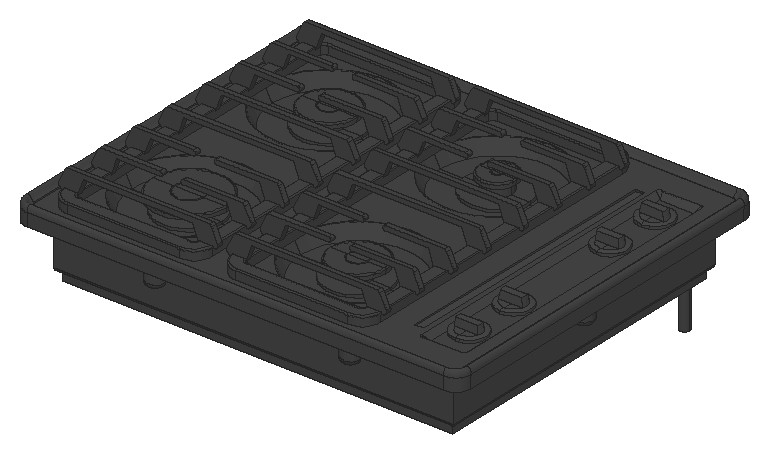
Revit family "QF_Summit_TTL033S_Cooktop", category Specialty Equipment, Revit 2020 (continued)
Automatic sketch dimensions
  curve 75 to curve 119 = 0"  (x2)
  curve 75 to curve 120 = 0"  (x2)
  curve 75 to curve 121 = 0"  (x2)
  curve 75 to curve 122 = 0"  (x2)
  curve 75 to curve 123 = 0"  (x2)
  curve 75 to curve 124 = 0"  (x2)
  curve 75 to curve 125 = 0"  (x2)
  curve 75 to curve 126 = 0"  (x2)
  curve 75 to curve 127 = 0"  (x2)
  curve 75 to curve 128 = 0"  (x2)
  curve 75 to curve 129 = 0"  (x2)
  curve 75 to curve 130 = 0"  (x2)
  curve 75 to curve 131 = 0"  (x2)
  curve 75 to curve 132 = 0"  (x2)
  curve 75 to curve 133 = 0"  (x2)
  curve 75 to curve 134 = 0"  (x2)
  curve 76 to curve 91 = 0"  (x2)
  curve 76 to curve 92 = 0"  (x2)
  curve 76 to curve 93 = 0"  (x2)
  curve 76 to curve 94 = 0"  (x2)
  curve 76 to curve 117 = 0"  (x2)
  curve 76 to curve 118 = 0"  (x2)
  curve 76 to curve 119 = 0"  (x2)
  curve 76 to curve 120 = 0"  (x2)
  curve 76 to curve 121 = 0"  (x2)
  curve 76 to curve 122 = 0"  (x2)
  curve 76 to curve 123 = 0"  (x2)
  curve 76 to curve 124 = 0"  (x2)
  curve 76 to curve 125 = 0"  (x2)
  curve 76 to curve 126 = 0"  (x2)
  curve 76 to curve 127 = 0"  (x2)
  curve 76 to curve 128 = 0"  (x2)
  curve 76 to curve 129 = 0"  (x2)
  curve 76 to curve 130 = 0"  (x2)
  curve 76 to curve 131 = 0"  (x2)
  curve 76 to curve 132 = 0"  (x2)
  curve 76 to curve 133 = 0"  (x2)
  curve 76 to curve 134 = 0"  (x2)
  curve 77 to curve 78 = 0"  (x2)
  curve 77 to curve 79 = 0"  (x2)
  curve 77 to curve 80 = 0"  (x2)
  curve 77 to curve 81 = 0"  (x2)
  curve 77 to curve 82 = 0"  (x2)
  curve 77 to curve 95 = 0"  (x2)
  curve 77 to curve 96 = 0"  (x2)
  curve 77 to curve 97 = 0"  (x2)
  curve 77 to curve 98 = 0"  (x2)
  curve 77 to curve 114 = 0"  (x2)
  curve 77 to curve 115 = 0"  (x2)
  curve 77 to curve 116 = 0"  (x2)
  curve 77 to curve 135 = 0"  (x2)
  curve 77 to curve 136 = 0"  (x2)
  curve 77 to curve 137 = 0"  (x2)
  curve 77 to curve 138 = 0"  (x2)
  curve 77 to curve 139 = 0"  (x2)
  curve 77 to curve 140 = 0"  (x2)
  curve 77 to curve 141 = 0"  (x2)
  curve 77 to curve 142 = 0"  (x2)
  curve 77 to curve 143 = 0"  (x2)
  curve 78 to curve 79 = 0"  (x2)
  curve 78 to curve 80 = 0"  (x2)
  curve 78 to curve 81 = 0"  (x2)
  curve 78 to curve 82 = 0"  (x2)
  curve 78 to curve 95 = 0"  (x2)
  curve 78 to curve 96 = 0"  (x2)
  curve 78 to curve 97 = 0"  (x2)
  curve 78 to curve 98 = 0"  (x2)
  curve 78 to curve 114 = 0"  (x2)
  curve 78 to curve 115 = 0"  (x2)
  curve 78 to curve 116 = 0"  (x2)
  curve 78 to curve 135 = 0"  (x2)
  curve 78 to curve 136 = 0"  (x2)
  curve 78 to curve 137 = 0"  (x2)
  curve 78 to curve 138 = 0"  (x2)
  curve 78 to curve 139 = 0"  (x2)
  curve 78 to curve 140 = 0"  (x2)
  curve 78 to curve 141 = 0"  (x2)
  curve 78 to curve 142 = 0"  (x2)
  curve 78 to curve 143 = 0"  (x2)
  curve 79 to curve 80 = 0"  (x2)
  curve 79 to curve 81 = 0"  (x2)
  curve 79 to curve 82 = 0"  (x2)
  curve 79 to curve 95 = 0"  (x2)
  curve 79 to curve 96 = 0"  (x2)
  curve 79 to curve 97 = 0"  (x2)
  curve 79 to curve 98 = 0"  (x2)
  curve 79 to curve 114 = 0"  (x2)
  curve 79 to curve 115 = 0"  (x2)
  curve 79 to curve 116 = 0"  (x2)
  curve 79 to curve 135 = 0"  (x2)
  curve 79 to curve 136 = 0"  (x2)
  curve 79 to curve 137 = 0"  (x2)
  curve 79 to curve 138 = 0"  (x2)
  curve 79 to curve 139 = 0"  (x2)
  curve 79 to curve 140 = 0"  (x2)
  curve 79 to curve 141 = 0"  (x2)
  curve 79 to curve 142 = 0"  (x2)
  curve 79 to curve 143 = 0"  (x2)
  curve 80 to curve 81 = 0"  (x2)
  curve 80 to curve 82 = 0"  (x2)
  curve 80 to curve 95 = 0"  (x2)
  curve 80 to curve 96 = 0"  (x2)
  curve 80 to curve 97 = 0"  (x2)
  curve 80 to curve 98 = 0"  (x2)
  curve 80 to curve 114 = 0"  (x2)
  curve 80 to curve 115 = 0"  (x2)
  curve 80 to curve 116 = 0"  (x2)
  curve 80 to curve 135 = 0"  (x2)
  curve 80 to curve 136 = 0"  (x2)
  curve 80 to curve 137 = 0"  (x2)
  curve 80 to curve 138 = 0"  (x2)
  curve 80 to curve 139 = 0"  (x2)
  curve 80 to curve 140 = 0"  (x2)
  curve 80 to curve 141 = 0"  (x2)
  curve 80 to curve 142 = 0"  (x2)
  curve 80 to curve 143 = 0"  (x2)
  curve 81 to curve 82 = 0"  (x2)
  curve 81 to curve 95 = 0"  (x2)
  curve 81 to curve 96 = 0"  (x2)
  curve 81 to curve 97 = 0"  (x2)
  curve 81 to curve 98 = 0"  (x2)
  curve 81 to curve 114 = 0"  (x2)
  curve 81 to curve 115 = 0"  (x2)
  curve 81 to curve 116 = 0"  (x2)
  curve 81 to curve 135 = 0"  (x2)
  curve 81 to curve 136 = 0"  (x2)
  curve 81 to curve 137 = 0"  (x2)
  curve 81 to curve 138 = 0"  (x2)
  curve 81 to curve 139 = 0"  (x2)
  curve 81 to curve 140 = 0"  (x2)
  curve 81 to curve 141 = 0"  (x2)
  curve 81 to curve 142 = 0"  (x2)
  curve 81 to curve 143 = 0"  (x2)
  curve 82 to curve 95 = 0"  (x2)
  curve 82 to curve 96 = 0"  (x2)
  curve 82 to curve 97 = 0"  (x2)
  curve 82 to curve 98 = 0"  (x2)
  curve 82 to curve 114 = 0"  (x2)
  curve 82 to curve 115 = 0"  (x2)
  curve 82 to curve 116 = 0"  (x2)
  curve 82 to curve 135 = 0"  (x2)
  curve 82 to curve 136 = 0"  (x2)
  curve 82 to curve 137 = 0"  (x2)
  curve 82 to curve 138 = 0"  (x2)
  curve 82 to curve 139 = 0"  (x2)
  curve 82 to curve 140 = 0"  (x2)
  curve 82 to curve 141 = 0"  (x2)
  curve 82 to curve 142 = 0"  (x2)
  curve 82 to curve 143 = 0"  (x2)
  curve 83 to curve 84 = 0"  (x2)
  curve 83 to curve 85 = 0"  (x2)
  curve 83 to curve 86 = 0"  (x2)
  curve 83 to curve 102 = 0"  (x2)
  curve 83 to curve 103 = 0"  (x2)
  curve 83 to curve 104 = 0"  (x2)
  curve 83 to curve 105 = 0"  (x2)
  curve 83 to curve 106 = 0"  (x2)
  curve 83 to curve 107 = 0"  (x2)
  curve 83 to curve 108 = 0"  (x2)
  curve 83 to curve 109 = 0"  (x2)
  curve 83 to curve 152 = 0"  (x2)
  curve 83 to curve 153 = 0"  (x2)
  curve 83 to curve 154 = 0"  (x2)
  curve 83 to curve 155 = 0"  (x2)
  curve 83 to curve 156 = 0"  (x2)
  curve 83 to curve 157 = 0"  (x2)
  curve 83 to curve 158 = 0"  (x2)
  curve 83 to curve 159 = 0"  (x2)
  curve 84 to curve 85 = 0"  (x2)
  curve 84 to curve 86 = 0"  (x2)
  curve 84 to curve 102 = 0"  (x2)
  curve 84 to curve 103 = 0"  (x2)
  curve 84 to curve 104 = 0"  (x2)
  curve 84 to curve 105 = 0"  (x2)
  curve 84 to curve 106 = 0"  (x2)
  curve 84 to curve 107 = 0"  (x2)
  curve 84 to curve 108 = 0"  (x2)
  curve 84 to curve 109 = 0"  (x2)
  curve 84 to curve 152 = 0"  (x2)
  curve 84 to curve 153 = 0"  (x2)
  curve 84 to curve 154 = 0"  (x2)
  curve 84 to curve 155 = 0"  (x2)
  curve 84 to curve 156 = 0"  (x2)
  curve 84 to curve 157 = 0"  (x2)
  curve 84 to curve 158 = 0"  (x2)
  curve 84 to curve 159 = 0"  (x2)
  curve 85 to curve 86 = 0"  (x2)
  curve 85 to curve 102 = 0"  (x2)
  curve 85 to curve 103 = 0"  (x2)
  curve 85 to curve 104 = 0"  (x2)
  curve 85 to curve 105 = 0"  (x2)
  curve 85 to curve 106 = 0"  (x2)
  curve 85 to curve 107 = 0"  (x2)
  curve 85 to curve 108 = 0"  (x2)
  curve 85 to curve 109 = 0"  (x2)
  curve 85 to curve 152 = 0"  (x2)
  curve 85 to curve 153 = 0"  (x2)
  curve 85 to curve 154 = 0"  (x2)
  curve 85 to curve 155 = 0"  (x2)
  curve 85 to curve 156 = 0"  (x2)
  curve 85 to curve 157 = 0"  (x2)
  curve 85 to curve 158 = 0"  (x2)
  curve 85 to curve 159 = 0"  (x2)
  curve 86 to curve 102 = 0"  (x2)
  curve 86 to curve 103 = 0"  (x2)
  curve 86 to curve 104 = 0"  (x2)
  curve 86 to curve 105 = 0"  (x2)
  curve 86 to curve 106 = 0"  (x2)
  curve 86 to curve 107 = 0"  (x2)
  curve 86 to curve 108 = 0"  (x2)
  curve 86 to curve 109 = 0"  (x2)
  curve 86 to curve 152 = 0"  (x2)
  curve 86 to curve 153 = 0"  (x2)
  curve 86 to curve 154 = 0"  (x2)
  curve 86 to curve 155 = 0"  (x2)
  curve 86 to curve 156 = 0"  (x2)
  curve 86 to curve 157 = 0"  (x2)
  curve 86 to curve 158 = 0"  (x2)
  curve 86 to curve 159 = 0"  (x2)
  curve 87 to curve 88 = 0"  (x2)
  curve 87 to curve 89 = 0"  (x2)
  curve 87 to curve 90 = 0"  (x2)
  curve 87 to curve 99 = 0"  (x2)
  curve 87 to curve 100 = 0"  (x2)
  curve 87 to curve 101 = 0"  (x2)
  curve 87 to curve 110 = 0"  (x2)
  curve 87 to curve 111 = 0"  (x2)
  curve 87 to curve 112 = 0"  (x2)
  curve 87 to curve 113 = 0"  (x2)
  curve 87 to curve 144 = 0"  (x2)
  curve 87 to curve 145 = 0"  (x2)
  curve 87 to curve 146 = 0"  (x2)
  curve 87 to curve 147 = 0"  (x2)
  curve 87 to curve 148 = 0"  (x2)
  curve 87 to curve 149 = 0"  (x2)
  curve 87 to curve 150 = 0"  (x2)
  curve 87 to curve 151 = 0"  (x2)
  curve 87 to curve 160 = 0"  (x2)
  curve 87 to curve 161 = 0"  (x2)
  curve 87 to curve 162 = 0"  (x2)
  curve 87 to curve 163 = 0"  (x2)
  curve 87 to curve 164 = 0"  (x2)
  curve 87 to curve 165 = 0"  (x2)
  curve 88 to curve 89 = 0"  (x2)
  curve 88 to curve 90 = 0"  (x2)
  curve 88 to curve 99 = 0"  (x2)
  curve 88 to curve 100 = 0"  (x2)
  curve 88 to curve 101 = 0"  (x2)
  curve 88 to curve 110 = 0"  (x2)
  curve 88 to curve 111 = 0"  (x2)
  curve 88 to curve 112 = 0"  (x2)
  curve 88 to curve 113 = 0"  (x2)
  curve 88 to curve 144 = 0"  (x2)
  curve 88 to curve 145 = 0"  (x2)
  curve 88 to curve 146 = 0"  (x2)
  curve 88 to curve 147 = 0"  (x2)
  curve 88 to curve 148 = 0"  (x2)
  curve 88 to curve 149 = 0"  (x2)
  curve 88 to curve 150 = 0"  (x2)
  curve 88 to curve 151 = 0"  (x2)
  curve 88 to curve 160 = 0"  (x2)
  curve 88 to curve 161 = 0"  (x2)
  curve 88 to curve 162 = 0"  (x2)
  curve 88 to curve 163 = 0"  (x2)
  curve 88 to curve 164 = 0"  (x2)
  curve 88 to curve 165 = 0"  (x2)
  curve 89 to curve 90 = 0"  (x2)
  curve 89 to curve 99 = 0"  (x2)
  curve 89 to curve 100 = 0"  (x2)
  curve 89 to curve 101 = 0"  (x2)
  curve 89 to curve 110 = 0"  (x2)
  curve 89 to curve 111 = 0"  (x2)
  curve 89 to curve 112 = 0"  (x2)
  curve 89 to curve 113 = 0"  (x2)
  curve 89 to curve 144 = 0"  (x2)
  curve 89 to curve 145 = 0"  (x2)
  curve 89 to curve 146 = 0"  (x2)
  curve 89 to curve 147 = 0"  (x2)
  curve 89 to curve 148 = 0"  (x2)
  curve 89 to curve 149 = 0"  (x2)
  curve 89 to curve 150 = 0"  (x2)
  curve 89 to curve 151 = 0"  (x2)
  curve 89 to curve 160 = 0"  (x2)
  curve 89 to curve 161 = 0"  (x2)
  curve 89 to curve 162 = 0"  (x2)
  curve 89 to curve 163 = 0"  (x2)
  curve 89 to curve 164 = 0"  (x2)
  curve 89 to curve 165 = 0"  (x2)
  curve 90 to curve 99 = 0"  (x2)
  curve 90 to curve 100 = 0"  (x2)
  curve 90 to curve 101 = 0"  (x2)
  curve 90 to curve 110 = 0"  (x2)
  curve 90 to curve 111 = 0"  (x2)
  curve 90 to curve 112 = 0"  (x2)
  curve 90 to curve 113 = 0"  (x2)
  curve 90 to curve 144 = 0"  (x2)
  curve 90 to curve 145 = 0"  (x2)
  curve 90 to curve 146 = 0"  (x2)
  curve 90 to curve 147 = 0"  (x2)
  curve 90 to curve 148 = 0"  (x2)
  curve 90 to curve 149 = 0"  (x2)
  curve 90 to curve 150 = 0"  (x2)
  curve 90 to curve 151 = 0"  (x2)
  curve 90 to curve 160 = 0"  (x2)
  curve 90 to curve 161 = 0"  (x2)
  curve 90 to curve 162 = 0"  (x2)
  curve 90 to curve 163 = 0"  (x2)
  curve 90 to curve 164 = 0"  (x2)
  curve 90 to curve 165 = 0"  (x2)
  curve 91 to curve 92 = 0"  (x2)
  curve 91 to curve 93 = 0"  (x2)
  curve 91 to curve 94 = 0"  (x2)
  curve 91 to curve 117 = 0"  (x2)
  curve 91 to curve 118 = 0"  (x2)
  curve 91 to curve 119 = 0"  (x2)
  curve 91 to curve 120 = 0"  (x2)
  curve 91 to curve 121 = 0"  (x2)
  curve 91 to curve 122 = 0"  (x2)
  curve 91 to curve 123 = 0"  (x2)
  curve 91 to curve 124 = 0"  (x2)
  curve 91 to curve 125 = 0"  (x2)
  curve 91 to curve 126 = 0"  (x2)
  curve 91 to curve 127 = 0"  (x2)
  curve 91 to curve 128 = 0"  (x2)
  curve 91 to curve 129 = 0"  (x2)
  curve 91 to curve 130 = 0"  (x2)
  curve 91 to curve 131 = 0"  (x2)
  curve 91 to curve 132 = 0"  (x2)
  curve 91 to curve 133 = 0"  (x2)
  curve 91 to curve 134 = 0"  (x2)
  curve 92 to curve 93 = 0"  (x2)
  curve 92 to curve 94 = 0"  (x2)
  curve 92 to curve 117 = 0"  (x2)
  curve 92 to curve 118 = 0"  (x2)
  curve 92 to curve 119 = 0"  (x2)
  curve 92 to curve 120 = 0"  (x2)
  curve 92 to curve 121 = 0"  (x2)
  curve 92 to curve 122 = 0"  (x2)
  curve 92 to curve 123 = 0"  (x2)
  curve 92 to curve 124 = 0"  (x2)
  curve 92 to curve 125 = 0"  (x2)
  curve 92 to curve 126 = 0"  (x2)
  curve 92 to curve 127 = 0"  (x2)
  curve 92 to curve 128 = 0"  (x2)
  curve 92 to curve 129 = 0"  (x2)
  curve 92 to curve 130 = 0"  (x2)
  curve 92 to curve 131 = 0"  (x2)
  curve 92 to curve 132 = 0"  (x2)
  curve 92 to curve 133 = 0"  (x2)
  curve 92 to curve 134 = 0"  (x2)
  curve 93 to curve 94 = 0"  (x2)
  curve 93 to curve 117 = 0"  (x2)
  curve 93 to curve 118 = 0"  (x2)
  curve 93 to curve 119 = 0"  (x2)
  curve 93 to curve 120 = 0"  (x2)
  curve 93 to curve 121 = 0"  (x2)
  curve 93 to curve 122 = 0"  (x2)
  curve 93 to curve 123 = 0"  (x2)
  curve 93 to curve 124 = 0"  (x2)
  curve 93 to curve 125 = 0"  (x2)
  curve 93 to curve 126 = 0"  (x2)
  curve 93 to curve 127 = 0"  (x2)
  curve 93 to curve 128 = 0"  (x2)
  curve 93 to curve 129 = 0"  (x2)
  curve 93 to curve 130 = 0"  (x2)
  curve 93 to curve 131 = 0"  (x2)
  curve 93 to curve 132 = 0"  (x2)
  curve 93 to curve 133 = 0"  (x2)
  curve 93 to curve 134 = 0"  (x2)
  curve 94 to curve 117 = 0"  (x2)
  curve 94 to curve 118 = 0"  (x2)
  curve 94 to curve 119 = 0"  (x2)
  curve 94 to curve 120 = 0"  (x2)
  curve 94 to curve 121 = 0"  (x2)
  curve 94 to curve 122 = 0"  (x2)
  curve 94 to curve 123 = 0"  (x2)
  curve 94 to curve 124 = 0"  (x2)
  curve 94 to curve 125 = 0"  (x2)
  curve 94 to curve 126 = 0"  (x2)
  curve 94 to curve 127 = 0"  (x2)
  curve 94 to curve 128 = 0"  (x2)
  curve 94 to curve 129 = 0"  (x2)
  curve 94 to curve 130 = 0"  (x2)
  curve 94 to curve 131 = 0"  (x2)
  curve 94 to curve 132 = 0"  (x2)
  curve 94 to curve 133 = 0"  (x2)
  curve 94 to curve 134 = 0"  (x2)
  curve 95 to curve 96 = 0"  (x2)
  curve 95 to curve 97 = 0"  (x2)
  curve 95 to curve 98 = 0"  (x2)
  curve 95 to curve 114 = 0"  (x2)
  curve 95 to curve 115 = 0"  (x2)
  curve 95 to curve 116 = 0"  (x2)
  curve 95 to curve 135 = 0"  (x2)
  curve 95 to curve 136 = 0"  (x2)
  curve 95 to curve 137 = 0"  (x2)
  curve 95 to curve 138 = 0"  (x2)
  curve 95 to curve 139 = 0"  (x2)
  curve 95 to curve 140 = 0"  (x2)
  curve 95 to curve 141 = 0"  (x2)
  curve 95 to curve 142 = 0"  (x2)
  curve 95 to curve 143 = 0"  (x2)
  curve 96 to curve 97 = 0"  (x2)
  curve 96 to curve 98 = 0"  (x2)
  curve 96 to curve 114 = 0"  (x2)
  curve 96 to curve 115 = 0"  (x2)
  curve 96 to curve 116 = 0"  (x2)
  curve 96 to curve 135 = 0"  (x2)
  curve 96 to curve 136 = 0"  (x2)
  curve 96 to curve 137 = 0"  (x2)
  curve 96 to curve 138 = 0"  (x2)
  curve 96 to curve 139 = 0"  (x2)
  curve 96 to curve 140 = 0"  (x2)
  curve 96 to curve 141 = 0"  (x2)
  curve 96 to curve 142 = 0"  (x2)
  curve 96 to curve 143 = 0"  (x2)
  curve 97 to curve 98 = 0"  (x2)
  curve 97 to curve 114 = 0"  (x2)
  curve 97 to curve 115 = 0"  (x2)
  curve 97 to curve 116 = 0"  (x2)
  curve 97 to curve 135 = 0"  (x2)
  curve 97 to curve 136 = 0"  (x2)
  curve 97 to curve 137 = 0"  (x2)
  curve 97 to curve 138 = 0"  (x2)
  curve 97 to curve 139 = 0"  (x2)
  curve 97 to curve 140 = 0"  (x2)
  curve 97 to curve 141 = 0"  (x2)
  curve 97 to curve 142 = 0"  (x2)
  curve 97 to curve 143 = 0"  (x2)
  curve 98 to curve 114 = 0"  (x2)
  curve 98 to curve 115 = 0"  (x2)
  curve 98 to curve 116 = 0"  (x2)
  curve 98 to curve 135 = 0"  (x2)
  curve 98 to curve 136 = 0"  (x2)
  curve 98 to curve 137 = 0"  (x2)
  curve 98 to curve 138 = 0"  (x2)
  curve 98 to curve 139 = 0"  (x2)
  curve 98 to curve 140 = 0"  (x2)
  curve 98 to curve 141 = 0"  (x2)
  curve 98 to curve 142 = 0"  (x2)
  curve 98 to curve 143 = 0"  (x2)
  curve 99 to curve 100 = 0"  (x2)
  curve 99 to curve 101 = 0"  (x2)
  curve 99 to curve 110 = 0"  (x2)
  curve 99 to curve 111 = 0"  (x2)
  curve 99 to curve 112 = 0"  (x2)
  curve 99 to curve 113 = 0"  (x2)
  curve 99 to curve 144 = 0"  (x2)
  curve 99 to curve 145 = 0"  (x2)
  curve 99 to curve 146 = 0"  (x2)
  curve 99 to curve 147 = 0"  (x2)
  curve 99 to curve 148 = 0"  (x2)
  curve 99 to curve 149 = 0"  (x2)
  curve 99 to curve 150 = 0"  (x2)
  curve 99 to curve 151 = 0"  (x2)
  curve 99 to curve 160 = 0"  (x2)
  curve 99 to curve 161 = 0"  (x2)
  curve 99 to curve 162 = 0"  (x2)
  curve 99 to curve 163 = 0"  (x2)
  curve 99 to curve 164 = 0"  (x2)
  curve 99 to curve 165 = 0"  (x2)
  curve 100 to curve 101 = 0"  (x2)
  curve 100 to curve 110 = 0"  (x2)
  curve 100 to curve 111 = 0"  (x2)
  curve 100 to curve 112 = 0"  (x2)
  curve 100 to curve 113 = 0"  (x2)
  curve 100 to curve 144 = 0"  (x2)
  curve 100 to curve 145 = 0"  (x2)
  curve 100 to curve 146 = 0"  (x2)
  curve 100 to curve 147 = 0"  (x2)
  curve 100 to curve 148 = 0"  (x2)
  curve 100 to curve 149 = 0"  (x2)
  curve 100 to curve 150 = 0"  (x2)
  curve 100 to curve 151 = 0"  (x2)
  curve 100 to curve 160 = 0"  (x2)
  curve 100 to curve 161 = 0"  (x2)
  curve 100 to curve 162 = 0"  (x2)
  curve 100 to curve 163 = 0"  (x2)
  curve 100 to curve 164 = 0"  (x2)
  curve 100 to curve 165 = 0"  (x2)
  curve 101 to curve 110 = 0"  (x2)
  curve 101 to curve 111 = 0"  (x2)
  curve 101 to curve 112 = 0"  (x2)
  curve 101 to curve 113 = 0"  (x2)
  curve 101 to curve 144 = 0"  (x2)
  curve 101 to curve 145 = 0"  (x2)
  curve 101 to curve 146 = 0"  (x2)
  curve 101 to curve 147 = 0"  (x2)
  curve 101 to curve 148 = 0"  (x2)
  curve 101 to curve 149 = 0"  (x2)
  curve 101 to curve 150 = 0"  (x2)
  curve 101 to curve 151 = 0"  (x2)
  curve 101 to curve 160 = 0"  (x2)
  curve 101 to curve 161 = 0"  (x2)
  curve 101 to curve 162 = 0"  (x2)
  curve 101 to curve 163 = 0"  (x2)
  curve 101 to curve 164 = 0"  (x2)
  curve 101 to curve 165 = 0"  (x2)
  curve 102 to curve 103 = 0"  (x2)
  curve 102 to curve 104 = 0"  (x2)
  curve 102 to curve 105 = 0"  (x2)
  curve 102 to curve 106 = 0"  (x2)
  curve 102 to curve 107 = 0"  (x2)
  curve 102 to curve 108 = 0"  (x2)
  curve 102 to curve 109 = 0"  (x2)
  curve 102 to curve 152 = 0"  (x2)
  curve 102 to curve 153 = 0"  (x2)
  curve 102 to curve 154 = 0"  (x2)
  curve 102 to curve 155 = 0"  (x2)
  curve 102 to curve 156 = 0"  (x2)
  curve 102 to curve 157 = 0"  (x2)
  curve 102 to curve 158 = 0"  (x2)
  curve 102 to curve 159 = 0"  (x2)
  curve 103 to curve 104 = 0"  (x2)
  curve 103 to curve 105 = 0"  (x2)
  curve 103 to curve 106 = 0"  (x2)
  curve 103 to curve 107 = 0"  (x2)
  curve 103 to curve 108 = 0"  (x2)
  curve 103 to curve 109 = 0"  (x2)
  curve 103 to curve 152 = 0"  (x2)
  curve 103 to curve 153 = 0"  (x2)
  curve 103 to curve 154 = 0"  (x2)
  curve 103 to curve 155 = 0"  (x2)
  curve 103 to curve 156 = 0"  (x2)
  curve 103 to curve 157 = 0"  (x2)
  curve 103 to curve 158 = 0"  (x2)
  curve 103 to curve 159 = 0"  (x2)
  curve 104 to curve 105 = 0"  (x2)
  curve 104 to curve 106 = 0"  (x2)
  curve 104 to curve 107 = 0"  (x2)
  curve 104 to curve 108 = 0"  (x2)
  curve 104 to curve 109 = 0"  (x2)
  curve 104 to curve 152 = 0"  (x2)
  curve 104 to curve 153 = 0"  (x2)
  curve 104 to curve 154 = 0"  (x2)
  curve 104 to curve 155 = 0"  (x2)
  curve 104 to curve 156 = 0"  (x2)
  curve 104 to curve 157 = 0"  (x2)
  curve 104 to curve 158 = 0"  (x2)
  curve 104 to curve 159 = 0"  (x2)
  curve 105 to curve 106 = 0"  (x2)
  curve 105 to curve 107 = 0"  (x2)
  curve 105 to curve 108 = 0"  (x2)
  curve 105 to curve 109 = 0"  (x2)
  curve 105 to curve 152 = 0"  (x2)
  curve 105 to curve 153 = 0"  (x2)
  curve 105 to curve 154 = 0"  (x2)
  curve 105 to curve 155 = 0"  (x2)
  curve 105 to curve 156 = 0"  (x2)
  curve 105 to curve 157 = 0"  (x2)
  curve 105 to curve 158 = 0"  (x2)
  curve 105 to curve 159 = 0"  (x2)
  curve 106 to curve 107 = 0"  (x2)
  curve 106 to curve 108 = 0"  (x2)
  curve 106 to curve 109 = 0"  (x2)
  curve 106 to curve 152 = 0"  (x2)
  curve 106 to curve 153 = 0"  (x2)
  curve 106 to curve 154 = 0"  (x2)
  curve 106 to curve 155 = 0"  (x2)
  curve 106 to curve 156 = 0"  (x2)
  curve 106 to curve 157 = 0"  (x2)
  curve 106 to curve 158 = 0"  (x2)
  curve 106 to curve 159 = 0"  (x2)
  curve 107 to curve 108 = 0"  (x2)
  curve 107 to curve 109 = 0"  (x2)
  curve 107 to curve 152 = 0"  (x2)
  curve 107 to curve 153 = 0"  (x2)
  curve 107 to curve 154 = 0"  (x2)
  curve 107 to curve 155 = 0"  (x2)
  curve 107 to curve 156 = 0"  (x2)
  curve 107 to curve 157 = 0"  (x2)
  curve 107 to curve 158 = 0"  (x2)
  curve 107 to curve 159 = 0"  (x2)
  curve 108 to curve 109 = 0"  (x2)
  curve 108 to curve 152 = 0"  (x2)
  curve 108 to curve 153 = 0"  (x2)
  curve 108 to curve 154 = 0"  (x2)
  curve 108 to curve 155 = 0"  (x2)
  curve 108 to curve 156 = 0"  (x2)
  curve 108 to curve 157 = 0"  (x2)
  curve 108 to curve 158 = 0"  (x2)
  curve 108 to curve 159 = 0"  (x2)
  curve 109 to curve 152 = 0"  (x2)
  curve 109 to curve 153 = 0"  (x2)
  curve 109 to curve 154 = 0"  (x2)
  curve 109 to curve 155 = 0"  (x2)
  curve 109 to curve 156 = 0"  (x2)
  curve 109 to curve 157 = 0"  (x2)
  curve 109 to curve 158 = 0"  (x2)
  curve 109 to curve 159 = 0"  (x2)
  curve 110 to curve 111 = 0"  (x2)
  curve 110 to curve 112 = 0"  (x2)
  curve 110 to curve 113 = 0"  (x2)
  curve 110 to curve 144 = 0"  (x2)
  curve 110 to curve 145 = 0"  (x2)
  curve 110 to curve 146 = 0"  (x2)
  curve 110 to curve 147 = 0"  (x2)
  curve 110 to curve 148 = 0"  (x2)
  curve 110 to curve 149 = 0"  (x2)
  curve 110 to curve 150 = 0"  (x2)
  curve 110 to curve 151 = 0"  (x2)
  curve 110 to curve 160 = 0"  (x2)
  curve 110 to curve 161 = 0"  (x2)
  curve 110 to curve 162 = 0"  (x2)
  curve 110 to curve 163 = 0"  (x2)
  curve 110 to curve 164 = 0"  (x2)
  curve 110 to curve 165 = 0"  (x2)
  curve 111 to curve 112 = 0"  (x2)
  curve 111 to curve 113 = 0"  (x2)
  curve 111 to curve 144 = 0"  (x2)
  curve 111 to curve 145 = 0"  (x2)
  curve 111 to curve 146 = 0"  (x2)
  curve 111 to curve 147 = 0"  (x2)
  curve 111 to curve 148 = 0"  (x2)
  curve 111 to curve 149 = 0"  (x2)
  curve 111 to curve 150 = 0"  (x2)
  curve 111 to curve 151 = 0"  (x2)
  curve 111 to curve 160 = 0"  (x2)
  curve 111 to curve 161 = 0"  (x2)
  curve 111 to curve 162 = 0"  (x2)
  curve 111 to curve 163 = 0"  (x2)
  curve 111 to curve 164 = 0"  (x2)
  curve 111 to curve 165 = 0"  (x2)
  curve 112 to curve 113 = 0"  (x2)
  curve 112 to curve 144 = 0"  (x2)
  curve 112 to curve 145 = 0"  (x2)
  curve 112 to curve 146 = 0"  (x2)
  curve 112 to curve 147 = 0"  (x2)
  curve 112 to curve 148 = 0"  (x2)
  curve 112 to curve 149 = 0"  (x2)
  curve 112 to curve 150 = 0"  (x2)
  curve 112 to curve 151 = 0"  (x2)
  curve 112 to curve 160 = 0"  (x2)
  curve 112 to curve 161 = 0"  (x2)
  curve 112 to curve 162 = 0"  (x2)
  curve 112 to curve 163 = 0"  (x2)
  curve 112 to curve 164 = 0"  (x2)
  curve 112 to curve 165 = 0"  (x2)
  curve 113 to curve 144 = 0"  (x2)
  curve 113 to curve 145 = 0"  (x2)
  curve 113 to curve 146 = 0"  (x2)
  curve 113 to curve 147 = 0"  (x2)
  curve 113 to curve 148 = 0"  (x2)
  curve 113 to curve 149 = 0"  (x2)
  curve 113 to curve 150 = 0"  (x2)
  curve 113 to curve 151 = 0"  (x2)
  curve 113 to curve 160 = 0"  (x2)
  curve 113 to curve 161 = 0"  (x2)
  curve 113 to curve 162 = 0"  (x2)
  curve 113 to curve 163 = 0"  (x2)
  curve 113 to curve 164 = 0"  (x2)
  curve 113 to curve 165 = 0"  (x2)
  curve 114 to curve 115 = 0"  (x2)
  curve 114 to curve 116 = 0"  (x2)
  curve 114 to curve 135 = 0"  (x2)
  curve 114 to curve 136 = 0"  (x2)
  curve 114 to curve 137 = 0"  (x2)
  curve 114 to curve 138 = 0"  (x2)
  curve 114 to curve 139 = 0"  (x2)
  curve 114 to curve 140 = 0"  (x2)
  curve 114 to curve 141 = 0"  (x2)
  curve 114 to curve 142 = 0"  (x2)
  curve 114 to curve 143 = 0"  (x2)
  curve 115 to curve 116 = 0"  (x2)
  curve 115 to curve 135 = 0"  (x2)
  curve 115 to curve 136 = 0"  (x2)
  curve 115 to curve 137 = 0"  (x2)
  curve 115 to curve 138 = 0"  (x2)
  curve 115 to curve 139 = 0"  (x2)
  curve 115 to curve 140 = 0"  (x2)
  curve 115 to curve 141 = 0"  (x2)
  curve 115 to curve 142 = 0"  (x2)
  curve 115 to curve 143 = 0"  (x2)
  curve 116 to curve 135 = 0"  (x2)
  curve 116 to curve 136 = 0"  (x2)
  curve 116 to curve 137 = 0"  (x2)
  curve 116 to curve 138 = 0"  (x2)
  curve 116 to curve 139 = 0"  (x2)
  curve 116 to curve 140 = 0"  (x2)
  curve 116 to curve 141 = 0"  (x2)
  curve 116 to curve 142 = 0"  (x2)
  curve 116 to curve 143 = 0"  (x2)
  curve 117 to curve 118 = 0"  (x2)
  curve 117 to curve 119 = 0"  (x2)
  curve 117 to curve 120 = 0"  (x2)
  curve 117 to curve 121 = 0"  (x2)
  curve 117 to curve 122 = 0"  (x2)
  curve 117 to curve 123 = 0"  (x2)
  curve 117 to curve 124 = 0"  (x2)
  curve 117 to curve 125 = 0"  (x2)
  curve 117 to curve 126 = 0"  (x2)
  curve 117 to curve 127 = 0"  (x2)
  curve 117 to curve 128 = 0"  (x2)
  curve 117 to curve 129 = 0"  (x2)
  curve 117 to curve 130 = 0"  (x2)
  curve 117 to curve 131 = 0"  (x2)
  curve 117 to curve 132 = 0"  (x2)
  curve 117 to curve 133 = 0"  (x2)
  curve 117 to curve 134 = 0"  (x2)
  curve 118 to curve 119 = 0"  (x2)
  curve 118 to curve 120 = 0"  (x2)
  curve 118 to curve 121 = 0"  (x2)
  curve 118 to curve 122 = 0"  (x2)
  curve 118 to curve 123 = 0"  (x2)
  curve 118 to curve 124 = 0"  (x2)
  curve 118 to curve 125 = 0"  (x2)
  curve 118 to curve 126 = 0"  (x2)
  curve 118 to curve 127 = 0"  (x2)
  curve 118 to curve 128 = 0"  (x2)
  curve 118 to curve 129 = 0"  (x2)
  curve 118 to curve 130 = 0"  (x2)
  curve 118 to curve 131 = 0"  (x2)
  curve 118 to curve 132 = 0"  (x2)
  curve 118 to curve 133 = 0"  (x2)
  curve 118 to curve 134 = 0"  (x2)
  curve 119 to curve 120 = 0"  (x2)
  curve 119 to curve 121 = 0"  (x2)
  curve 119 to curve 122 = 0"  (x2)
  curve 119 to curve 123 = 0"  (x2)
  curve 119 to curve 124 = 0"  (x2)
  curve 119 to curve 125 = 0"  (x2)
  curve 119 to curve 126 = 0"  (x2)
  curve 119 to curve 127 = 0"  (x2)
  curve 119 to curve 128 = 0"  (x2)
  curve 119 to curve 129 = 0"  (x2)
  curve 119 to curve 130 = 0"  (x2)
  curve 119 to curve 131 = 0"  (x2)
  curve 119 to curve 132 = 0"  (x2)
  curve 119 to curve 133 = 0"  (x2)
  curve 119 to curve 134 = 0"  (x2)
  curve 120 to curve 121 = 0"  (x2)
  curve 120 to curve 122 = 0"  (x2)
  curve 120 to curve 123 = 0"  (x2)
  curve 120 to curve 124 = 0"  (x2)
  curve 120 to curve 125 = 0"  (x2)
  curve 120 to curve 126 = 0"  (x2)
  curve 120 to curve 127 = 0"  (x2)
  curve 120 to curve 128 = 0"  (x2)
  curve 120 to curve 129 = 0"  (x2)
  curve 120 to curve 130 = 0"  (x2)
  curve 120 to curve 131 = 0"  (x2)
  curve 120 to curve 132 = 0"  (x2)
  curve 120 to curve 133 = 0"  (x2)
  curve 120 to curve 134 = 0"  (x2)
  curve 121 to curve 122 = 0"  (x2)
  curve 121 to curve 123 = 0"  (x2)
  curve 121 to curve 124 = 0"  (x2)
  curve 121 to curve 125 = 0"  (x2)
  curve 121 to curve 126 = 0"  (x2)
  curve 121 to curve 127 = 0"  (x2)
  curve 121 to curve 128 = 0"  (x2)
  curve 121 to curve 129 = 0"  (x2)
  curve 121 to curve 130 = 0"  (x2)
  curve 121 to curve 131 = 0"  (x2)
  curve 121 to curve 132 = 0"  (x2)
  curve 121 to curve 133 = 0"  (x2)
  curve 121 to curve 134 = 0"  (x2)
  curve 122 to curve 123 = 0"  (x2)
  curve 122 to curve 124 = 0"  (x2)
  curve 122 to curve 125 = 0"  (x2)
  curve 122 to curve 126 = 0"  (x2)
  curve 122 to curve 127 = 0"  (x2)
  curve 122 to curve 128 = 0"  (x2)
  curve 122 to curve 129 = 0"  (x2)
  curve 122 to curve 130 = 0"  (x2)
  curve 122 to curve 131 = 0"  (x2)
  curve 122 to curve 132 = 0"  (x2)
  curve 122 to curve 133 = 0"  (x2)
  curve 122 to curve 134 = 0"  (x2)
  curve 123 to curve 124 = 0"  (x2)
  curve 123 to curve 125 = 0"  (x2)
  curve 123 to curve 126 = 0"  (x2)
  curve 123 to curve 127 = 0"  (x2)
  curve 123 to curve 128 = 0"  (x2)
  curve 123 to curve 129 = 0"  (x2)
  curve 123 to curve 130 = 0"  (x2)
  curve 123 to curve 131 = 0"  (x2)
  curve 123 to curve 132 = 0"  (x2)
  curve 123 to curve 133 = 0"  (x2)
  curve 123 to curve 134 = 0"  (x2)
  curve 124 to curve 125 = 0"  (x2)
  curve 124 to curve 126 = 0"  (x2)
  curve 124 to curve 127 = 0"  (x2)
  curve 124 to curve 128 = 0"  (x2)
  curve 124 to curve 129 = 0"  (x2)
  curve 124 to curve 130 = 0"  (x2)
  curve 124 to curve 131 = 0"  (x2)
  curve 124 to curve 132 = 0"  (x2)
  curve 124 to curve 133 = 0"  (x2)
  curve 124 to curve 134 = 0"  (x2)
  curve 125 to curve 126 = 0"  (x2)
  curve 125 to curve 127 = 0"  (x2)
  curve 125 to curve 128 = 0"  (x2)
  curve 125 to curve 129 = 0"  (x2)
  curve 125 to curve 130 = 0"  (x2)
  curve 125 to curve 131 = 0"  (x2)
  curve 125 to curve 132 = 0"  (x2)
  curve 125 to curve 133 = 0"  (x2)
  curve 125 to curve 134 = 0"  (x2)
  curve 126 to curve 127 = 0"  (x2)
  curve 126 to curve 128 = 0"  (x2)
  curve 126 to curve 129 = 0"  (x2)
  curve 126 to curve 130 = 0"  (x2)
  curve 126 to curve 131 = 0"  (x2)
  curve 126 to curve 132 = 0"  (x2)
  curve 126 to curve 133 = 0"  (x2)
  curve 126 to curve 134 = 0"  (x2)
  curve 127 to curve 128 = 0"  (x2)
  curve 127 to curve 129 = 0"  (x2)
  curve 127 to curve 130 = 0"  (x2)
  curve 127 to curve 131 = 0"  (x2)
  curve 127 to curve 132 = 0"  (x2)
  curve 127 to curve 133 = 0"  (x2)
  curve 127 to curve 134 = 0"  (x2)
  curve 128 to curve 129 = 0"  (x2)
  curve 128 to curve 130 = 0"  (x2)
  curve 128 to curve 131 = 0"  (x2)
  curve 128 to curve 132 = 0"  (x2)
  curve 128 to curve 133 = 0"  (x2)
  curve 128 to curve 134 = 0"  (x2)
  curve 129 to curve 130 = 0"  (x2)
  curve 129 to curve 131 = 0"  (x2)
  curve 129 to curve 132 = 0"  (x2)
  curve 129 to curve 133 = 0"  (x2)
  curve 129 to curve 134 = 0"  (x2)
  curve 130 to curve 131 = 0"  (x2)
  curve 130 to curve 132 = 0"  (x2)
  curve 130 to curve 133 = 0"  (x2)
  curve 130 to curve 134 = 0"  (x2)
  curve 131 to curve 132 = 0"  (x2)
  curve 131 to curve 133 = 0"  (x2)
  curve 131 to curve 134 = 0"  (x2)
  curve 132 to curve 133 = 0"  (x2)
  curve 132 to curve 134 = 0"  (x2)
  curve 133 to curve 134 = 0"  (x2)
  curve 135 to curve 136 = 0"  (x2)
  curve 135 to curve 137 = 0"  (x2)
  curve 135 to curve 138 = 0"  (x2)
  curve 135 to curve 139 = 0"  (x2)
  curve 135 to curve 140 = 0"  (x2)
  curve 135 to curve 141 = 0"  (x2)
  curve 135 to curve 142 = 0"  (x2)
  curve 135 to curve 143 = 0"  (x2)
  curve 136 to curve 137 = 0"  (x2)
  curve 136 to curve 138 = 0"  (x2)
  curve 136 to curve 139 = 0"  (x2)
  curve 136 to curve 140 = 0"  (x2)
  curve 136 to curve 141 = 0"  (x2)
  curve 136 to curve 142 = 0"  (x2)
  curve 136 to curve 143 = 0"  (x2)
  curve 137 to curve 138 = 0"  (x2)
  curve 137 to curve 139 = 0"  (x2)
  curve 137 to curve 140 = 0"  (x2)
  curve 137 to curve 141 = 0"  (x2)
  curve 137 to curve 142 = 0"  (x2)
  curve 137 to curve 143 = 0"  (x2)
  curve 138 to curve 139 = 0"  (x2)
  curve 138 to curve 140 = 0"  (x2)
  curve 138 to curve 141 = 0"  (x2)
  curve 138 to curve 142 = 0"  (x2)
  curve 138 to curve 143 = 0"  (x2)
  curve 139 to curve 140 = 0"  (x2)
  curve 139 to curve 141 = 0"  (x2)
  curve 139 to curve 142 = 0"  (x2)
  curve 139 to curve 143 = 0"  (x2)
  curve 140 to curve 141 = 0"  (x2)
  curve 140 to curve 142 = 0"  (x2)
  curve 140 to curve 143 = 0"  (x2)
  curve 141 to curve 142 = 0"  (x2)
  curve 141 to curve 143 = 0"  (x2)
  curve 142 to curve 143 = 0"  (x2)
  curve 144 to curve 145 = 0"  (x2)
  curve 144 to curve 146 = 0"  (x2)
  curve 144 to curve 147 = 0"  (x2)
  curve 144 to curve 148 = 0"  (x2)
  curve 144 to curve 149 = 0"  (x2)
  curve 144 to curve 150 = 0"  (x2)
  curve 144 to curve 151 = 0"  (x2)
  curve 144 to curve 160 = 0"  (x2)
  curve 144 to curve 161 = 0"  (x2)
  curve 144 to curve 162 = 0"  (x2)
  curve 144 to curve 163 = 0"  (x2)
  curve 144 to curve 164 = 0"  (x2)
  curve 144 to curve 165 = 0"  (x2)
  curve 145 to curve 146 = 0"  (x2)
  curve 145 to curve 147 = 0"  (x2)
  curve 145 to curve 148 = 0"  (x2)
  curve 145 to curve 149 = 0"  (x2)
  curve 145 to curve 150 = 0"  (x2)
  curve 145 to curve 151 = 0"  (x2)
  curve 145 to curve 160 = 0"  (x2)
  curve 145 to curve 161 = 0"  (x2)
  curve 145 to curve 162 = 0"  (x2)
  curve 145 to curve 163 = 0"  (x2)
  curve 145 to curve 164 = 0"  (x2)
  curve 145 to curve 165 = 0"  (x2)
  curve 146 to curve 147 = 0"  (x2)
  curve 146 to curve 148 = 0"  (x2)
  curve 146 to curve 149 = 0"  (x2)
  curve 146 to curve 150 = 0"  (x2)
  curve 146 to curve 151 = 0"  (x2)
  curve 146 to curve 160 = 0"  (x2)
  curve 146 to curve 161 = 0"  (x2)
  curve 146 to curve 162 = 0"  (x2)
  curve 146 to curve 163 = 0"  (x2)
  curve 146 to curve 164 = 0"  (x2)
  curve 146 to curve 165 = 0"  (x2)
  curve 147 to curve 148 = 0"  (x2)
  curve 147 to curve 149 = 0"  (x2)
  curve 147 to curve 150 = 0"  (x2)
  curve 147 to curve 151 = 0"  (x2)
  curve 147 to curve 160 = 0"  (x2)
  curve 147 to curve 161 = 0"  (x2)
  curve 147 to curve 162 = 0"  (x2)
  curve 147 to curve 163 = 0"  (x2)
  curve 147 to curve 164 = 0"  (x2)
  curve 147 to curve 165 = 0"  (x2)
  curve 148 to curve 149 = 0"  (x2)
  curve 148 to curve 150 = 0"  (x2)
  curve 148 to curve 151 = 0"  (x2)
  curve 148 to curve 160 = 0"  (x2)
  curve 148 to curve 161 = 0"  (x2)
  curve 148 to curve 162 = 0"  (x2)
  curve 148 to curve 163 = 0"  (x2)
  curve 148 to curve 164 = 0"  (x2)
  curve 148 to curve 165 = 0"  (x2)
  curve 149 to curve 150 = 0"  (x2)
  curve 149 to curve 151 = 0"  (x2)
  curve 149 to curve 160 = 0"  (x2)
  curve 149 to curve 161 = 0"  (x2)
  curve 149 to curve 162 = 0"  (x2)
  curve 149 to curve 163 = 0"  (x2)
  curve 149 to curve 164 = 0"  (x2)
  curve 149 to curve 165 = 0"  (x2)
  curve 150 to curve 151 = 0"  (x2)
  curve 150 to curve 160 = 0"  (x2)
  curve 150 to curve 161 = 0"  (x2)
  curve 150 to curve 162 = 0"  (x2)
  curve 150 to curve 163 = 0"  (x2)
  curve 150 to curve 164 = 0"  (x2)
  curve 150 to curve 165 = 0"  (x2)
  curve 151 to curve 160 = 0"  (x2)
  curve 151 to curve 161 = 0"  (x2)
  curve 151 to curve 162 = 0"  (x2)
  curve 151 to curve 163 = 0"  (x2)
  curve 151 to curve 164 = 0"  (x2)
  curve 151 to curve 165 = 0"  (x2)
  curve 152 to curve 153 = 0"  (x2)
  curve 152 to curve 154 = 0"  (x2)
  curve 152 to curve 155 = 0"  (x2)
  curve 152 to curve 156 = 0"  (x2)
  curve 152 to curve 157 = 0"  (x2)
  curve 152 to curve 158 = 0"  (x2)
  curve 152 to curve 159 = 0"  (x2)
  curve 153 to curve 154 = 0"  (x2)
  curve 153 to curve 155 = 0"  (x2)
  curve 153 to curve 156 = 0"  (x2)
  curve 153 to curve 157 = 0"  (x2)
  curve 153 to curve 158 = 0"  (x2)
  curve 153 to curve 159 = 0"  (x2)
  curve 154 to curve 155 = 0"  (x2)
  curve 154 to curve 156 = 0"  (x2)
  curve 154 to curve 157 = 0"  (x2)
  curve 154 to curve 158 = 0"  (x2)
  curve 154 to curve 159 = 0"  (x2)
  curve 155 to curve 156 = 0"  (x2)
  curve 155 to curve 157 = 0"  (x2)
  curve 155 to curve 158 = 0"  (x2)
  curve 155 to curve 159 = 0"  (x2)
  curve 156 to curve 157 = 0"  (x2)
  curve 156 to curve 158 = 0"  (x2)
  curve 156 to curve 159 = 0"  (x2)
  curve 157 to curve 158 = 0"  (x2)
  curve 157 to curve 159 = 0"  (x2)
  curve 158 to curve 159 = 0"  (x2)
  curve 160 to curve 161 = 0"  (x2)
  curve 160 to curve 162 = 0"  (x2)
  curve 160 to curve 163 = 0"  (x2)
  curve 160 to curve 164 = 0"  (x2)
  curve 160 to curve 165 = 0"  (x2)
  curve 161 to curve 162 = 0"  (x2)
  curve 161 to curve 163 = 0"  (x2)
  curve 161 to curve 164 = 0"  (x2)
  curve 161 to curve 165 = 0"  (x2)
  curve 162 to curve 163 = 0"  (x2)
  curve 162 to curve 164 = 0"  (x2)
  curve 162 to curve 165 = 0"  (x2)
  curve 163 to curve 164 = 0"  (x2)
  curve 163 to curve 165 = 0"  (x2)
  curve 164 to curve 165 = 0"  (x2)
  curve 65 to plane 3 "LEFT" = 0.00016"
  plane 3 "LEFT" to curve 37 = 9/16"
  curve 37 to curve 38 = 1/4"
  curve 64 to curve 64 = 1/4"
  plane 3 "LEFT" to curve 154 = 5.27794"
  plane 3 "LEFT" to curve 119 = 5.27794"
  plane 7 "Center Y" to curve 99 = 2.33654"
  plane 7 "Center Y" to curve 98 = 2.33654"
  plane 4 "RIGHT" to curve 54 = 4.43626"
  curve 54 to curve 61 = 1/16"
  curve 54 to curve 56 = 1/16"
  curve 60 to curve 60 = 3/8"
  curve 55 to curve 57 = 3/8"
  curve 59 to curve 58 = 1/16"
  curve 56 to curve 52 = 0.32834"
  curve 51 to curve 51 = 0.17489"
  curve 53 to curve 46 = 0.17489"
  curve 51 to curve 43 = 0.15303"
  plane 4 "RIGHT" to curve 44 = 1.53001"
  curve 42 to curve 47 = 0.15303"  (x2)
  curve 44 to curve 50 = 0.15303"
  curve 47 to curve 48 = 0.17489"
  plane 4 "RIGHT" to curve 40 = 13/16"
  plane 5 "FRONT" to curve 71 = 0.00016"
  plane 4 "RIGHT" to curve 71 = 13/16"
  curve 40 to curve 41 = 1/4"
  curve 50 to plane 5 "FRONT" = 1.94788"
  curve 49 to curve 44 = 0.15303"
  curve 52 to curve 60 = 0.43428"
  curve 158 to plane 8 "Center X" = 4.69623"
  curve 160 to plane 8 "Center X" = 4.69623"
  plane 8 "Center X" to curve 75 = 4.69623"
  plane 8 "Center X" to curve 114 = 4.69623"
  plane 1 "BACK" to curve 55 = 2.63046"
  curve 57 to curve 43 = 11/32"
  plane 1 "BACK" to curve 68 = 13/16"
  plane 3 "LEFT" to curve 122 = 1.98841"
  plane 3 "LEFT" to curve 157 = 2.00679"
  plane 3 "LEFT" to curve 132 = 2.04204"
  plane 3 "LEFT" to curve 106 = 2.05163"
  curve 122 to curve 133 = 0.18876"
  curve 157 to curve 159 = 0.17038"
  curve 157 to curve 159 = 0.30499"
  curve 122 to curve 117 = 0.33065"
  curve 132 to curve 133 = 0.31951"
  curve 106 to curve 108 = 0.31593"
  curve 159 to curve 154 = 0.10141"
  curve 117 to curve 131 = 0.09535"
  curve 133 to curve 126 = 0.10777"
  curve 108 to curve 158 = 0.10609"
  curve 108 to curve 83 = 1.10076"
  curve 104 to curve 104 = 0.21842"
  curve 117 to curve 130 = 1.35172"
  curve 83 to curve 83 = 0.31358"
  curve 104 to curve 103 = 0.15936"
  curve 120 to curve 74 = 0.24904"
  curve 74 to curve 120 = 0.02582"
  curve 83 to curve 105 = 0.21411"
  curve 122 to curve 118 = 1.45366"
  curve 157 to curve 153 = 1.43583"
  curve 94 to curve 130 = 0.12319"
  curve 120 to curve 127 = 0.19386"
  curve 127 to curve 74 = 0.11209"
  curve 130 to curve 129 = 0.26849"
  curve 129 to curve 132 = 0.04729"
  curve 129 to curve 94 = 0.07783"
  curve 74 to curve 93 = 0.23853"
  curve 85 to curve 83 = 3/4"
  curve 118 to curve 118 = 0.6766"
  curve 129 to curve 92 = 0.43727"
  curve 153 to curve 153 = 0.5869"
  curve 76 to curve 73 = 1/2"
  curve 107 to curve 107 = 0.62953"
  curve 123 to curve 123 = 0.65253"
  curve 75 to curve 92 = 0.22211"
  curve 76 to curve 93 = 0.42893"
  curve 92 to curve 73 = 0.32977"
  curve 92 to curve 134 = 0.38914"
  curve 73 to curve 129 = 0.08348"
  curve 93 to curve 91 = 0.24142"
  curve 91 to curve 127 = 0.11252"
  curve 73 to curve 121 = 0.33849"
  curve 91 to curve 128 = 0.31103"
  curve 123 to curve 124 = 0.83454"
  curve 128 to curve 91 = 0.01862"
  curve 107 to curve 152 = 0.87986"
  curve 86 to curve 105 = 0.76611"
  curve 86 to curve 103 = 0.86273"
  curve 105 to curve 102 = 0.18941"
  curve 73 to curve 121 = 0.24904"
  curve 103 to curve 84 = 0.14532"
  curve 84 to curve 84 = 0.24195"
  curve 102 to curve 158 = 1.09864"
  curve 121 to curve 126 = 1.41692"
  curve 84 to curve 154 = 1.10223"
  curve 128 to curve 131 = 1.38705"
  curve 158 to curve 155 = 0.09264"
  curve 126 to curve 119 = 0.09066"
  curve 154 to curve 109 = 0.10242"
  curve 131 to curve 125 = 0.09497"
  curve 125 to curve 119 = 0.13736"
  curve 109 to curve 155 = 0.13805"
  curve 155 to curve 156 = 0.32544"
  curve 119 to curve 134 = 0.34103"
  curve 154 to curve 152 = 0.40862"
  curve 131 to curve 124 = 0.42412"
  curve 150 to plane 7 "Center Y" = 0.96129"
  curve 135 to plane 7 "Center Y" = 0.961"
  curve 140 to plane 7 "Center Y" = 0.89759"
  curve 144 to plane 7 "Center Y" = 0.88535"
  curve 148 to plane 7 "Center Y" = 0.76422"
  curve 142 to plane 7 "Center Y" = 0.76422"
  curve 135 to curve 116 = 0.34067"
  curve 150 to curve 148 = 0.34129"
  curve 140 to curve 142 = 0.32309"
  curve 144 to curve 110 = 0.31237"
  curve 148 to curve 147 = 0.09223"
  curve 116 to curve 139 = 0.0986"
  curve 142 to curve 141 = 0.10348"
  curve 110 to curve 149 = 0.12616"
  plane 7 "Center Y" to curve 164 = 0.5875"
  plane 7 "Center Y" to curve 98 = 0.5875"
  curve 164 to curve 101 = 0.24904"
  plane 7 "Center Y" to curve 164 = 0.84859"
  plane 7 "Center Y" to curve 77 = 0.8562"
  plane 7 "Center Y" to curve 135 = 0.8899"
  plane 7 "Center Y" to curve 150 = 0.90292"
  plane 7 "Center Y" to curve 113 = 0.95235"
  plane 7 "Center Y" to curve 98 = 0.96297"
  curve 164 to curve 165 = 0.19581"
  curve 77 to curve 95 = 0.19616"
  curve 165 to curve 101 = 0.12621"
  curve 113 to curve 161 = 0.25363"
  curve 98 to curve 97 = 0.26065"
  plane 7 "Center Y" to curve 144 = 1.23102"
  curve 161 to curve 88 = 0.07249"
  plane 7 "Center Y" to curve 140 = 1.31357"
  curve 77 to curve 80 = 0.74904"
  curve 101 to curve 100 = 0.2468"
  curve 161 to curve 162 = 0.42767"
  curve 150 to curve 160 = 0.73593"
  curve 114 to curve 114 = 0.60654"
  curve 89 to curve 87 = 1/2"
  curve 82 to curve 77 = 1/4"
  curve 136 to curve 136 = 0.64941"
  curve 160 to curve 160 = 1.39538"
  curve 89 to curve 162 = 0.21129"
  curve 90 to curve 100 = 0.43178"
  curve 162 to curve 99 = 0.33661"
  curve 140 to curve 143 = 2.11853"
  curve 79 to curve 97 = 0.14835"
  curve 99 to curve 161 = 0.10382"
  curve 161 to curve 145 = 0.03094"
  curve 100 to curve 87 = 0.25229"
  curve 87 to curve 165 = 0.10807"
  curve 80 to curve 95 = 0.29505"
  curve 161 to curve 163 = 0.22514"
  curve 97 to curve 78 = 0.24571"
  curve 160 to curve 151 = 0.76927"
  curve 136 to curve 137 = 0.81975"
  curve 87 to curve 112 = 0.29408"
  curve 95 to curve 96 = 0.18874"
  curve 112 to curve 87 = 0.02185"
  curve 80 to curve 78 = 0.74904"
  curve 87 to curve 163 = 0.24904"
  curve 163 to curve 149 = 1.42364"
  curve 78 to curve 141 = 1.41399"
  curve 96 to curve 139 = 1.37384"
  curve 112 to curve 147 = 1.3827"
  curve 149 to curve 146 = 0.10635"
  curve 141 to curve 115 = 0.10054"
  curve 139 to curve 138 = 0.10259"
  curve 147 to curve 111 = 0.09971"
  curve 138 to curve 115 = 0.14054"
  curve 111 to curve 146 = 0.1402"
  curve 146 to curve 145 = 0.31936"
  curve 141 to curve 143 = 0.41949"
  curve 147 to curve 151 = 0.40165"
  curve 138 to curve 137 = 0.32826"
  curve 107 to plane 5 "FRONT" = 1.80474"
  curve 160 to plane 5 "FRONT" = 1 7/8"
  curve 160 to curve 150 = 0.23691"
  curve 153 to curve 157 = 0.25859"
  curve 160 to curve 151 = 0.2521"
  curve 107 to curve 152 = 0.2852"
  curve 154 to curve 109 = 0.28235"
  curve 147 to curve 111 = 0.27408"
  curve 100 to curve 101 = 0.24169"
  curve 103 to curve 84 = 0.22929"
  curve 165 to curve 87 = 0.25791"
  curve 102 to curve 105 = 0.25978"
  curve 99 to curve 161 = 0.24304"
  curve 99 to curve 162 = 0.24737"
  curve 108 to curve 158 = 0.25335"
  curve 146 to curve 149 = 0.25181"
  curve 158 to curve 106 = 0.03121"
  curve 146 to curve 145 = 0.27526"
  curve 110 to curve 144 = 0.29271"
  plane 8 "Center X" to curve 140 = 1.35007"
  plane 8 "Center X" to curve 132 = 1.36194"
  plane 8 "Center X" to curve 143 = 1.37313"
  plane 8 "Center X" to curve 134 = 1.37834"
  curve 129 to curve 94 = 0.26306"
  curve 97 to curve 98 = 0.26648"
  curve 129 to curve 92 = 0.01153"
  curve 126 to curve 119 = 0.21375"
  curve 141 to curve 142 = 0.24822"
  curve 116 to curve 135 = 0.23664"
  curve 96 to curve 95 = 0.24956"
  curve 74 to curve 93 = 0.23627"
  curve 125 to curve 131 = 0.26496"
  curve 131 to curve 124 = 0.00658"
  curve 91 to curve 127 = 0.25063"
  curve 117 to curve 122 = 0.26535"
  curve 138 to curve 137 = 0.27256"
  curve 116 to curve 139 = 0.26847"
  curve 122 to curve 118 = 0.25021"
  curve 137 to curve 136 = 0.26258"
  radius of Extrusion 2 sketch curve = 3.49904"  (x4)
  radius of Extrusion 17 sketch curve = 1/4"
Nested families (in)
  nested 1: "Summit_Burner_Cast" at (1.52794, -1.55377, 0.43845), type "Summit_Burner_Cast"
  nested 2: "Summit_Burner_Cast" at (10.58654, -1.55377, 0.43845), type "Summit_Burner_Cast"
  nested 3: "Summit_Burner_Cast" at (1.52794, -10.94623, 0.43845), type "Summit_Burner_Cast"
  nested 4: "Summit_Burner_Cast" at (10.58654, -10.94623, 0.43845), type "Summit_Burner_Cast"
  nested 5: "Summit_Cast" at (1.27794, -0.875, 3.75), type "Summit_Cast"
  nested 6: "Summit_Cast" at (10.33654, -0.875, 3.75), type "Summit_Cast"
Connectors (in)
  piping at (21.68847, -1.91925, -2.5), diameter 0.5
    settings: on Extrusion 17, index 1, connector inside diameter 24", connector length 0", flow factor 0, pipe flow 0 GPM, pressure drop 0.00 psi, fitting loss kfactor 0, connector angle 0.00°, fixture units 0, engagement length 0", angle of deflection 0.00°, flow configuration 1, flow direction 1, fitting loss method 0, system type 7, joint type 0, gender type 0, connector reference index -1, connector utility 0, adjustable connector no, is connector primary yes, connector description "Gas Connection"
  electrical at (20.93847, -1.91925, 0.4375), driven by "Volts"
    settings: on Extrusion 20, index 2, voltage 115 V, apparent load 0 VA, apparent load phase1 0 VA, apparent load phase2 0 VA, apparent load phase3 0 VA, power factor 1, load classification "Other", number of poles 1, system type 30, power factor state 1, is connector primary yes, connector utility no, sub classification motor no, connector description "Electrical Connection"
Definition of nested family "Summit_Burner_Cast"
  Parameters (values of type "Summit_Burner_Cast")
    Model = ""
    Manufacturer = "Summit"
    Length = 7 1/2"
    Height = 3 3/4"
    Description = "Cooktop"
    Depth = 7 1/2"
    Default Elevation = 0"
  Reference planes (in)
    plane 1 "BACK": y = 0
    plane 2: z = 0
    plane 3 "LEFT": x = 0
    plane 4 "RIGHT": x = 7.5
    plane 5 "FRONT": y = -7.5
    plane 6 "TOP": z = 3.75
    plane 7 "Center Y": x = 3.75
    plane 8 "Center X": y = -3.75
  Forms (in)
    Revolve 1, solid
      sketch origin (-1.00614, -3.75, 0) x (1, 0, 0) y (0, 0, 1)
        loop
          line (4.75614, 3.26095) -> (4.00614, 3.26095) -> (4.00614, 2.6875) -> (3.00711, 2.6875) -> (3.00711, 2.5625) -> (1.65539, 2.5625) -> (1.25711, 3.31155) -> (1.25711, 2.5) -> (4.75614, 2.5) -> (4.75614, 3.26095)
        axis (4.75614, 2.5) -> (4.75614, 3.31155)
      angle from 0 to 360
  Dimensions and locks (in)
    equal spacing: plane 3 "LEFT", plane 7 "Center Y", plane 4 "RIGHT"
    "Length": plane 3 "LEFT" to plane 4 "RIGHT"
    equal spacing: plane 5 "FRONT", plane 8 "Center X", plane 1 "BACK"
    "Depth": plane 5 "FRONT" to plane 1 "BACK"
    "Height": plane 6 "TOP" to level
    aligned and locked: level to plane 2
  Automatic sketch dimensions
    plane 3 "LEFT" to Revolve 1 sketch curve = 0.25096"
    Revolve 1 sketch curve to plane 7 "Center Y" = 0"  (x2)
    plane 3 "LEFT" to Revolve 1 sketch curve = 0.64924"
    Revolve 1 sketch curve to plane 7 "Center Y" = 3/4"
    Revolve 1 sketch curve to plane 6 "TOP" = 1 1/4"
    Revolve 1 sketch curve to Revolve 1 sketch curve = 1/16"
    Revolve 1 sketch curve to Revolve 1 sketch curve = 3/16"
    Revolve 1 sketch curve to plane 6 "TOP" = 0.48905"
    Revolve 1 sketch curve to plane 6 "TOP" = 0.43845"
    Revolve 1 sketch curve to Revolve 1 sketch curve = 0"
    plane 6 "TOP" to Revolve 1 sketch curve = 1 1/4"
    Revolve 1 sketch curve to Revolve 1 sketch curve = 0.99904"
Definition of nested family "Summit_Cast"
  Parameters (values of type "Summit_Cast")
    Model = ""
    Manufacturer = "Summit"
    Length = 8"
    Height = 1 1/2"
    Description = "Cooktop"
    Depth = 18 1/4"
    Default Elevation = 0"
  Reference planes (in)
    plane 1 "BACK": y = 0
    plane 2: z = 0
    plane 3 "LEFT": x = 0
    plane 4 "RIGHT": x = 8
    plane 5 "FRONT": y = -18.25
    plane 6 "TOP": z = 1.5
    plane 7 "Center Y": x = 4
    plane 8 "Center X": y = -9.125
  Forms (in)
    Sweep 1, solid
      path origin (0, 0, 1.5) x (-1, 0, 0) y (0, -1, 0)
        loop
          arc (0, 17.25) -> (-0.29289, 17.95711) -> (-1, 18.25) r 1
          line (-1, 18.25) -> (-7, 18.25)
          arc (-7, 18.25) -> (-7.70711, 17.95711) -> (-8, 17.25) r 1
          line (-8, 17.25) -> (-8, 1)
          arc (-8, 1) -> (-7.70711, 0.29289) -> (-7, 0) r 1
          line (-7, 0) -> (-1, 0)
          arc (-1, 0) -> (-0.29289, 0.29289) -> (0, 1) r 1
          line (0, 1) -> (0, 17.25)
      profile origin (0, -9.125, 1.5) x (-1, 0, 0) y (0, 0, 1)
        loop
          line (-0.0625, -1) -> (-0.6875, -1)
          arc (-0.6875, -1) -> (-0.73169, -1.01831) -> (-0.75, -1.0625) r 0.0625
          line (-0.75, -1.0625) -> (-0.75, -1.5) -> (0, -1.5) -> (0, -1.0625)
          arc (0, -1.0625) -> (-0.01831, -1.01831) -> (-0.0625, -1) r 0.0625
    Extrusion 2, solid
      sketch origin (0, 0, 0) x (1, 0, 0) y (0, 0, 1)
        loop
          line (0.74803, 0.3877) -> (1.06188, 1.25) -> (6.93812, 1.25) -> (7.25197, 0.3877) -> (8.14564, 0.3877) -> (8.25406, 0.49612)
          arc (8.25406, 0.49612) -> (8.2924, 0.56977) -> (8.28157, 0.65209) r 0.13806
          line (8.28157, 0.65209) -> (7.93816, 1.38852) -> (7.82668, 1.5) -> (0.17332, 1.5) -> (0.06184, 1.38852) -> (-0.28157, 0.65209)
          arc (-0.28157, 0.65209) -> (-0.2924, 0.56977) -> (-0.25406, 0.49612) r 0.13806
          line (-0.25406, 0.49612) -> (-0.14564, 0.3877) -> (0.74803, 0.3877)
      from 1 to 1.25
    Extrusion 3, solid
      sketch origin (0, -2.25, 0) x (1, 0, 0) y (0, 0, 1)
        loop
          line (0.74803, 0.3877) -> (1.06188, 1.25) -> (3.36913, 1.25)
          arc (3.36913, 1.25) -> (3.49413, 1.375) -> (3.36913, 1.5) r 0.125
          line (3.36913, 1.5) -> (0.17332, 1.5) -> (0.06184, 1.38852) -> (-0.28157, 0.65209)
          arc (-0.28157, 0.65209) -> (-0.2924, 0.56977) -> (-0.25406, 0.49612) r 0.13806
          line (-0.25406, 0.49612) -> (-0.14564, 0.3877) -> (0.74803, 0.3877)
        loop
          line (7.25197, 0.3877) -> (8.14564, 0.3877) -> (8.25406, 0.49612)
          arc (8.25406, 0.49612) -> (8.2924, 0.56977) -> (8.28157, 0.65209) r 0.13806
          line (8.28157, 0.65209) -> (7.93816, 1.38852) -> (7.82668, 1.5) -> (4.62959, 1.5)
          arc (4.62959, 1.5) -> (4.50459, 1.375) -> (4.62959, 1.25) r 0.125
          line (4.62959, 1.25) -> (6.93812, 1.25) -> (7.25197, 0.3877)
      from 1 to 1.25
    Extrusion 4, solid
      sketch origin (0, -6.75, 0) x (1, 0, 0) y (0, 0, 1)
        loop
          line (0.74803, 0.3877) -> (1.06188, 1.25) -> (6.93812, 1.25) -> (7.25197, 0.3877) -> (8.14564, 0.3877) -> (8.25406, 0.49612)
